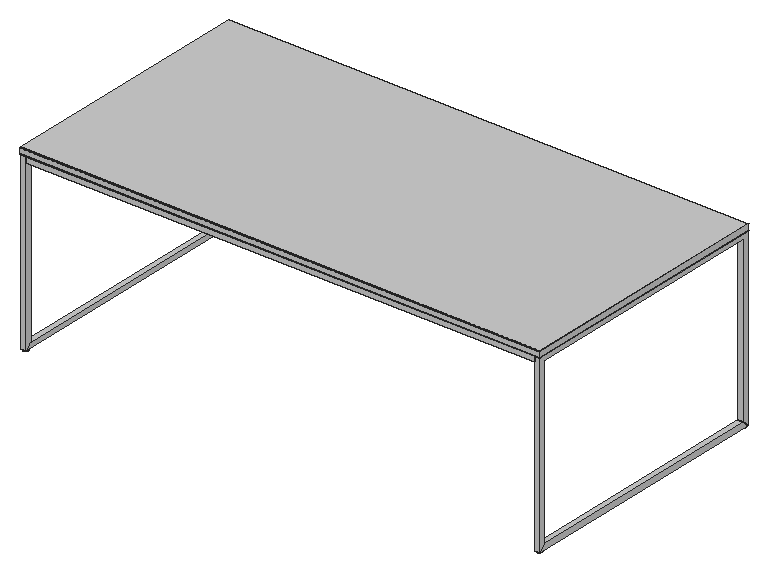
Revit family "Haworth_Cappellini_Fronzoni64_Table_AP_PRELIMINARY", category Furniture, Revit 2018
Family settings
  OmniClass Number = 23.40.70.14.64.21
  OmniClass Title = Systems Furniture
  Work Plane-Based = No
  Always vertical = Yes
  Cut with Voids When Loaded = No
  Shared = No
  Room Calculation Point = No
Parameters (values of type "High Rectangle")
  Warranty = "http://www.haworth.com/resources/product-info/warranties"
  URL - Product = "https://www.haworth.com/ap/en/products/executive-desks/fronzoni-64.html"
  Table Finish [instance] = Haworth _ Paint _ Undecided _ Table
  Leg Thickness = 20 mm  # constant formula
  Model = "FR_2X"  # constant formula
  URL = "https://www.haworth.com/ap/en.html"
  Size = "Verify Final Dim. w/ Haworth"  # constant formula
  Revision Number = "4"  # constant formula
  Manufacturer = "Haworth"  # constant formula
  Low Square = no
  High Rectangle = yes
  High Square = not(or(Low Square, High Rectangle))  # no
  Glide Offset = 10 mm  # constant formula
  Glide Height = 3 mm  # constant formula
  Description = "Haworth - Cappellini - Fronzoni 64 - Table"  # constant formula
  Chamfer = 1.5 mm  # constant formula
  Author = "Haworth (Hampton, Abd Rahman)"  # constant formula
  Assembly Code = "E2020200"
  Actual Width = if(High Rectangle, 2000 mm, 1000 mm)  # 2000 mm
  Actual Height = if(Low Square, 300 mm, 700 mm)  # 700 mm
  Table Top Thickness = 25.5 mm  # constant formula
  Actual Depth = 1000 mm  # constant formula
Types (4, lengths in mm): name | Low Square | High Rectangle | High Square | Actual Width | Actual Height
  (no name) | no | yes | no | 2000 | 700
  High Rectangle | no | yes | no | 2000 | 700
  High Square | no | no | yes | 1000 | 700
  Low Square | yes | no | no | 1000 | 300
Reference planes
  plane 1 "Center F/B": y = -4.03
  plane 2 "Floor": z = 0
  plane 3 "Center L/R": x = 0
  plane 4 "Table Edge Left": x = -999.787
  plane 5 "Table Edge Right": x = 1000.213
  plane 6 "Table Edge Back": y = -502.592
  plane 7 "Table Edge Front": y = 497.408
  plane 8 "Table Top Top": z = 700
  plane 9 "Left Support Location": x = -979.787
  plane 10 "Back Support Location": y = 477.408
  plane 11 "Front Support Location": y = -482.592
  plane 12 "Right Support Location": x = 980.213
  plane 13 "Table Top Bottom": z = 674.5
  plane 14 "Glide Top": z = 3
  plane 15 "Frame Top Bottom": z = 654.5
  plane 16 "Frame Bottom Top": z = 23
  plane 17 "Glide Left": x = -989.787
  plane 18 "Glide Right": x = 990.213
  plane 19 "Glide Back": y = 487.408
  plane 20 "Glide Front": y = -492.592
  plane 21 "Chamfer Top": z = 698.5
  plane 22 "Chamfer Bottom": z = 676
  plane 23 "Chamfer Left": x = -1001.287
  plane 24 "Chamfer Right": x = 1001.713
  plane 25 "Chamfer Front": y = -504.092
  plane 26 "Chamfer Back": y = 498.908
Forms (mm)
  Extrusion 1, solid, material "Haworth _ Paint _ Undecided _ Table" <- "Table Finish"
    sketch origin (0, 0, 0) x (1, 0, 0) y (0, 1, 0)
      loop
        line (-1001.288, 498.908) -> (-1001.288, -504.092) -> (1001.713, -504.092) -> (1001.713, 498.908) -> (-1001.288, 498.908)
    from 698.5 to 676
  Extrusion 2, solid, material "Haworth _ Paint _ Undecided _ Table" <- "Table Finish"
    sketch origin (980.212, 0, 0) x (0, 1, 0) y (0, 0, 1)
      loop
        line (-482.592, 23) -> (-482.592, 654.5) -> (477.408, 654.5) -> (477.408, 23) -> (497.408, 3) -> (497.408, 674.5) -> (-502.592, 674.5) -> (-502.592, 3) -> (-482.592, 23)
    from -1980 to -1960
  Extrusion 3, solid, material "Haworth _ Paint _ Undecided _ Table" <- "Table Finish"
    sketch origin (980.212, 0, 0) x (0, 1, 0) y (0, 0, 1)
      loop
        line (-482.592, 23) -> (-502.592, 3) -> (497.408, 3) -> (477.408, 23) -> (-482.592, 23)
    from -1980 to -1960
  Extrusion 4, solid, material "Haworth _ Paint _ Undecided _ Table" <- "Table Finish"
    sketch origin (-979.488, 0, 0) x (0, 1, 0) y (0, 0, -1)
      loop
        line (-482.592, -23) -> (-502.592, -3) -> (-502.592, -674.5) -> (497.408, -674.5) -> (497.408, -3) -> (477.408, -23) -> (477.408, -654.5) -> (-482.592, -654.5) -> (-482.592, -23)
    from -1979.7 to -1959.7
  Extrusion 5, solid, material "Haworth _ Paint _ Undecided _ Table" <- "Table Finish"
    sketch origin (-979.488, 0, 0) x (0, 1, 0) y (0, 0, -1)
      loop
        line (-482.592, -23) -> (477.408, -23) -> (497.408, -3) -> (-502.592, -3) -> (-482.592, -23)
    from -1979.7 to -1959.7
  Blend 6, solid, material "Haworth _ Paint _ Undecided _ Table" <- "Table Finish"
    base sketch origin (0, 0, 0) x (1, 0, 0) y (0, 1, 0)
      loop
        line (-1001.287, 498.908) -> (-1001.287, -504.092) -> (1001.713, -504.092) -> (1001.713, 498.908) -> (-1001.287, 498.908)
    top sketch origin (0, 0, 0) x (1, 0, 0) y (0, 1, 0)
      loop
        line (-999.787, 497.408) -> (-999.787, -502.592) -> (1000.213, -502.592) -> (1000.213, 497.408) -> (-999.787, 497.408)
    from 698.5 to 700
  Blend 7, solid, material "Haworth _ Paint _ Undecided _ Table" <- "Table Finish"
    base sketch origin (0, 0, 0) x (1, 0, 0) y (0, 1, 0)
      loop
        line (-999.787, 497.408) -> (-999.787, -502.592) -> (1000.213, -502.592) -> (1000.213, 497.408) -> (-999.787, 497.408)
    top sketch origin (0, 0, 0) x (1, 0, 0) y (0, 1, 0)
      loop
        line (-1001.287, 498.908) -> (-1001.287, -504.092) -> (1001.713, -504.092) -> (1001.713, 498.908) -> (-1001.287, 498.908)
    from 674.5 to 676
  Extrusion 8, solid, material "Haworth _ Paint _ Undecided _ Table" <- "Table Finish"
    sketch origin (0, 0, 0) x (0, 1, 0) y (0, 0, 1)
      loop
        line (-502.592, 674.5) -> (-502.592, 654.5) -> (-482.592, 654.5) -> (-482.592, 674.5) -> (-502.592, 674.5)
      loop
        line (477.408, 674.5) -> (477.408, 654.5) -> (497.408, 654.5) -> (497.408, 674.5) -> (477.408, 674.5)
    from -979.787 to 980.213
  Extrusion 9, solid, material "Haworth _ Paint _ Undecided _ Table" <- "Table Finish"
    sketch origin (0, 0, 0) x (1, 0, 0) y (0, 1, 0)
      loop
        circle (-989.788, -492.592) r 9.525
    from 0 to 3
  Extrusion 10, solid, material "Haworth _ Paint _ Undecided _ Table" <- "Table Finish"
    sketch origin (0, 0, 0) x (1, 0, 0) y (0, 1, 0)
      loop
        circle (-989.788, 487.408) r 9.525
    from 0 to 3
  Extrusion 11, solid, material "Haworth _ Paint _ Undecided _ Table" <- "Table Finish"
    sketch origin (0, 0, 0) x (1, 0, 0) y (0, 1, 0)
      loop
        circle (990.213, 487.408) r 9.525
    from 0 to 3
  Extrusion 12, solid, material "Haworth _ Paint _ Undecided _ Table" <- "Table Finish"
    sketch origin (0, 0, 0) x (1, 0, 0) y (0, 1, 0)
      loop
        circle (990.213, -492.592) r 9.525
    from 0 to 3
Lines and regions (mm)
  Masking region 1
    outline origin (0, 0, 685.8) x (0, -1, 0) y (1, 0, 0)
      loop
        line (-497.408, -999.788) -> (502.592, -999.788) -> (502.592, 1000.212) -> (-497.408, 1000.212) -> (-497.408, -999.788)
  symbolic lines, detail levels fine
    curve 1: line (980.212, 477.408, 729.059) -> (-979.788, 477.408, 729.059)
    curve 2: line (-979.788, 497.408, 729.059) -> (-979.788, -502.592, 729.059)
    curve 3: line (-979.788, -482.592, 729.059) -> (980.212, -482.592, 729.059)
    curve 4: line (980.212, -502.592, 729.059) -> (980.212, 497.408, 729.059)
Dimensions and locks
  "Actual Depth": plane 7 "Table Edge Front" to plane 6 "Table Edge Back"
  "Actual Width": plane 4 "Table Edge Left" to plane 5 "Table Edge Right"
  plane 4 "Table Edge Left" to plane 3 "Center L/R" to plane 5 "Table Edge Right" = 999.787 mm, 1000.213 mm
  plane 7 "Table Edge Front" to plane 1 "Center F/B" to plane 6 "Table Edge Back" = 501.437 mm, 498.563 mm
  "Actual Height": plane 8 "Table Top Top" to level
  "Leg Thickness": plane 4 "Table Edge Left" to plane 9 "Left Support Location"
  "Leg Thickness": plane 12 "Right Support Location" to plane 5 "Table Edge Right"
  "Leg Thickness": plane 11 "Front Support Location" to plane 6 "Table Edge Back"
  "Table Top Thickness": plane 8 "Table Top Top" to plane 13 "Table Top Bottom"
  "Glide Height": plane 14 "Glide Top" to plane 2 "Floor"
  "Leg Thickness": plane 16 "Frame Bottom Top" to plane 14 "Glide Top"
  "Leg Thickness": plane 13 "Table Top Bottom" to plane 15 "Frame Top Bottom"
  "Leg Thickness": plane 7 "Table Edge Front" to plane 10 "Back Support Location"
  "Glide Offset": plane 20 "Glide Front" to plane 6 "Table Edge Back"
  "Glide Offset": plane 7 "Table Edge Front" to plane 19 "Glide Back"
  "Glide Offset": plane 4 "Table Edge Left" to plane 17 "Glide Left"
  "Glide Offset": plane 18 "Glide Right" to plane 5 "Table Edge Right"
  "Chamfer": plane 22 "Chamfer Bottom" to plane 13 "Table Top Bottom"
  "Chamfer": plane 8 "Table Top Top" to plane 21 "Chamfer Top"
  "Chamfer": plane 5 "Table Edge Right" to plane 24 "Chamfer Right"
  "Chamfer": plane 23 "Chamfer Left" to plane 4 "Table Edge Left"
  "Chamfer": plane 26 "Chamfer Back" to plane 7 "Table Edge Front"
  "Chamfer": plane 6 "Table Edge Back" to plane 25 "Chamfer Front"
  aligned: Extrusion 1 to plane 8 "Table Top Top"
  aligned and locked: plane 4 "Table Edge Left" to Masking region 1 sketch curve
  aligned and locked: Masking region 1 sketch curve to plane 7 "Table Edge Front"
  aligned and locked: plane 7 "Table Edge Front" to curve 2
  aligned and locked: plane 9 "Left Support Location" to curve 1
  aligned and locked: plane 9 "Left Support Location" to curve 3
  aligned and locked: plane 6 "Table Edge Back" to curve 2
  aligned and locked: plane 12 "Right Support Location" to curve 3
  aligned and locked: plane 6 "Table Edge Back" to curve 4
  aligned and locked: plane 7 "Table Edge Front" to curve 4
  aligned and locked: plane 12 "Right Support Location" to curve 1
  aligned and locked: plane 13 "Table Top Bottom" to Extrusion 2 sketch curve
  aligned and locked: Extrusion 2 sketch curve to plane 6 "Table Edge Back"
  aligned and locked: plane 11 "Front Support Location" to Extrusion 2 sketch curve
  aligned and locked: Extrusion 2 sketch curve to plane 15 "Frame Top Bottom"
  aligned and locked: Extrusion 2 sketch curve to plane 10 "Back Support Location"
  aligned and locked: plane 7 "Table Edge Front" to Extrusion 2 sketch curve
  aligned and locked: Extrusion 2 to plane 4 "Table Edge Left"
  aligned and locked: plane 9 "Left Support Location" to Extrusion 2
  aligned and locked: plane 14 "Glide Top" to Extrusion 2 sketch curve  (x2)
  aligned and locked: Extrusion 3 sketch curve to plane 14 "Glide Top"
  aligned and locked: Extrusion 3 to plane 4 "Table Edge Left"
  aligned and locked: plane 9 "Left Support Location" to Extrusion 3
  aligned and locked: Extrusion 4 to plane 12 "Right Support Location"
  aligned and locked: Extrusion 5 to plane 12 "Right Support Location"
  aligned and locked: plane 5 "Table Edge Right" to Extrusion 4
  aligned and locked: plane 5 "Table Edge Right" to Extrusion 5
  aligned and locked: plane 6 "Table Edge Back" to Extrusion 5 sketch curve
  aligned and locked: plane 14 "Glide Top" to Extrusion 5 sketch curve  (x2)
  aligned and locked: plane 16 "Frame Bottom Top" to Extrusion 5 sketch curve  (x2)
  aligned and locked: plane 11 "Front Support Location" to Extrusion 5 sketch curve
  aligned and locked: plane 10 "Back Support Location" to Extrusion 5 sketch curve
  aligned and locked: plane 7 "Table Edge Front" to Extrusion 5 sketch curve
  aligned and locked: plane 14 "Glide Top" to Extrusion 3 sketch curve
  aligned and locked: plane 7 "Table Edge Front" to Extrusion 3 sketch curve
  aligned and locked: plane 16 "Frame Bottom Top" to Extrusion 3 sketch curve  (x2)
  aligned and locked: plane 10 "Back Support Location" to Extrusion 3 sketch curve
  aligned and locked: plane 11 "Front Support Location" to Extrusion 3 sketch curve
  aligned and locked: plane 6 "Table Edge Back" to Extrusion 3 sketch curve
  aligned and locked: plane 6 "Table Edge Back" to Extrusion 4 sketch curve
  aligned and locked: plane 13 "Table Top Bottom" to Extrusion 4 sketch curve
  aligned and locked: Extrusion 4 sketch curve to plane 15 "Frame Top Bottom"
  aligned and locked: plane 11 "Front Support Location" to Extrusion 4 sketch curve
  aligned and locked: Extrusion 4 sketch curve to plane 10 "Back Support Location"
  aligned and locked: plane 7 "Table Edge Front" to Extrusion 4 sketch curve
  aligned and locked: plane 22 "Chamfer Bottom" to Extrusion 1
  aligned and locked: Extrusion 1 to plane 21 "Chamfer Top"
  aligned and locked: Extrusion 1 to plane 24 "Chamfer Right"
  aligned and locked: Extrusion 1 to plane 25 "Chamfer Front"
  aligned and locked: Extrusion 1 to plane 23 "Chamfer Left"
  aligned and locked: Extrusion 1 to plane 26 "Chamfer Back"
  aligned and locked: plane 23 "Chamfer Left" to Blend 6 sketch curve
  aligned and locked: plane 25 "Chamfer Front" to Blend 6 sketch curve
  aligned and locked: plane 24 "Chamfer Right" to Blend 6 sketch curve
  aligned and locked: plane 26 "Chamfer Back" to Blend 6 sketch curve
  aligned and locked: Blend 6 sketch curve to plane 5 "Table Edge Right"
  aligned and locked: plane 6 "Table Edge Back" to Blend 6 sketch curve
  aligned and locked: plane 4 "Table Edge Left" to Blend 6 sketch curve
  aligned and locked: Blend 6 sketch curve to plane 7 "Table Edge Front"
  aligned and locked: Blend 6 to plane 8 "Table Top Top"
  aligned and locked: plane 21 "Chamfer Top" to Blend 6
  aligned and locked: Blend 7 sketch curve to plane 5 "Table Edge Right"
  aligned and locked: plane 6 "Table Edge Back" to Blend 7 sketch curve
  aligned and locked: plane 4 "Table Edge Left" to Blend 7 sketch curve
  aligned and locked: Blend 7 sketch curve to plane 7 "Table Edge Front"
  aligned and locked: plane 25 "Chamfer Front" to Blend 7 sketch curve
  aligned and locked: plane 24 "Chamfer Right" to Blend 7 sketch curve
  aligned and locked: plane 23 "Chamfer Left" to Blend 7 sketch curve
  aligned and locked: plane 26 "Chamfer Back" to Blend 7 sketch curve
  aligned and locked: Blend 7 to plane 22 "Chamfer Bottom"
  aligned and locked: Blend 7 to plane 13 "Table Top Bottom"
  aligned and locked: Extrusion 8 sketch curve to plane 7 "Table Edge Front"
  aligned and locked: plane 10 "Back Support Location" to Extrusion 8 sketch curve
  aligned and locked: Extrusion 8 sketch curve to plane 13 "Table Top Bottom"  (x2)
  aligned and locked: plane 15 "Frame Top Bottom" to Extrusion 8 sketch curve  (x2)
  aligned and locked: Extrusion 8 sketch curve to plane 11 "Front Support Location"
  aligned and locked: plane 6 "Table Edge Back" to Extrusion 8 sketch curve
  aligned and locked: Extrusion 8 to plane 9 "Left Support Location"
  aligned and locked: plane 12 "Right Support Location" to Extrusion 8
  aligned and locked: Extrusion 9 to level
  aligned and locked: plane 14 "Glide Top" to Extrusion 9
  aligned and locked: plane 14 "Glide Top" to Extrusion 10
  aligned and locked: Extrusion 10 to plane 2 "Floor"
  aligned and locked: Extrusion 11 to plane 2 "Floor"
  aligned and locked: plane 14 "Glide Top" to Extrusion 11
  aligned and locked: Extrusion 12 to plane 2 "Floor"
  aligned and locked: plane 14 "Glide Top" to Extrusion 12
Automatic sketch dimensions
  Extrusion 1 sketch curve to plane 23 "Chamfer Left" = 0 mm
  Extrusion 1 sketch curve to plane 24 "Chamfer Right" = 0 mm
  Extrusion 1 sketch curve to plane 25 "Chamfer Front" = 0 mm
  plane 26 "Chamfer Back" to Extrusion 1 sketch curve = 0 mm
  Masking region 1 sketch curve to plane 6 "Table Edge Back" = 0 mm
  Masking region 1 sketch curve to plane 5 "Table Edge Right" = 0 mm
  curve 1 to plane 10 "Back Support Location" = 0 mm
  curve 3 to plane 11 "Front Support Location" = 0 mm
  Extrusion 2 sketch curve to plane 16 "Frame Bottom Top" = 0 mm  (x2)
  Extrusion 4 sketch curve to plane 16 "Frame Bottom Top" = 0 mm  (x2)
  Extrusion 4 sketch curve to plane 14 "Glide Top" = 0 mm  (x2)
  Extrusion 9 sketch curve to plane 17 "Glide Left" = 0 mm
  plane 20 "Glide Front" to Extrusion 9 sketch curve = 0 mm
  Extrusion 10 sketch curve to plane 17 "Glide Left" = 0 mm
  Extrusion 10 sketch curve to plane 19 "Glide Back" = 0 mm
  Extrusion 11 sketch curve to plane 18 "Glide Right" = 0 mm
  Extrusion 11 sketch curve to plane 19 "Glide Back" = 0 mm
  Extrusion 12 sketch curve to plane 18 "Glide Right" = 0 mm
  plane 20 "Glide Front" to Extrusion 12 sketch curve = 0 mm
  radius of Extrusion 9 sketch curve = 9.525 mm
  radius of Extrusion 10 sketch curve = 9.525 mm
  radius of Extrusion 11 sketch curve = 9.525 mm
  radius of Extrusion 12 sketch curve = 9.525 mm
